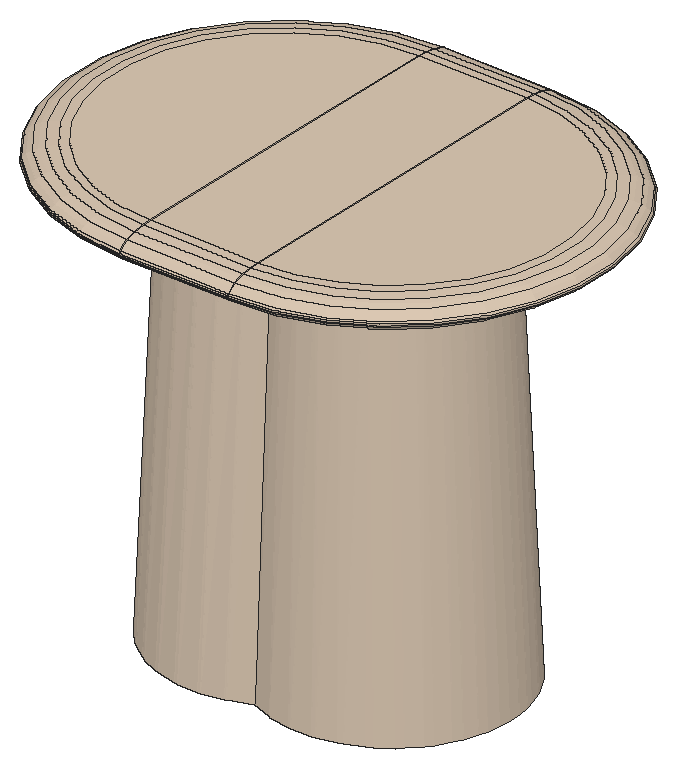
Revit family "Proto Table L53 H45", category Furniture, Revit 2017
Family settings
  OmniClass Number = 23.40.20.00
  OmniClass Title = General Furniture and Specialties
  Work Plane-Based = No
  Always vertical = Yes
  Cut with Voids When Loaded = No
  Shared = No
  Room Calculation Point = No
Parameters
  Width (in) = "16,5"  # constant formula
  Width (cm) = "42"  # constant formula
  Weight (lbs) = "47,7"  # constant formula
  Weight (kg) = "21,5"  # constant formula
  Warranty period = "2 years standard warranty"  # constant formula
  Variations = "Soap treated / Lacquered"  # constant formula
  URL = "https://www.plushalle.com/"
  Table top = +Halle Oak Solid Horizontal
  Table base = +Halle Oak Veneer Vertical
  Product family = "Proto"  # constant formula
  Price = "Contact info@plushalle.com"  # constant formula
  Packaging Dimensions (in) = "21,5 / 17,2 / 18,4"  # constant formula
  Packaging Dimensions (cm) = "54,5 / 43,5 / 46,5"  # constant formula
  Length (in) = "20,9"  # constant formula
  Length (cm) = "53"  # constant formula
  Height (in) = "17,7"  # constant formula
  Height (cm) = "45"  # constant formula
  Gliders = +Halle Felt
  Environment = "FSC"  # constant formula
  Designer = "Nick Ross"  # constant formula
  Design Year = "2020"  # constant formula
  Copyright = "+Halle"  # constant formula
Reference planes
  plane 1 "Center (Front/Back)": y = 0
  plane 2: z = 0
  plane 3 "Center (Left/Right)": x = 0
  plane 4 "Back": y = 210
  plane 5 "Front": y = -210
  plane 6 "Left": x = -265
  plane 7 "Right": x = 265
  plane 8 "Top": z = 450
  plane 9: z = 422
  plane 10: x = -55
  plane 11: x = 55
Forms (mm)
  Revolve 1, solid, material "+Halle Oak Solid Horizontal" <- "Table top"
    sketch origin (-55, 0, 0) x (0, 1, 0) y (0, 0, 1)
      loop
        line (0, 450) -> (-170.442, 450)
        arc (-170.442, 450) -> (-174.984, 449.934) -> (-179.519, 449.665) r 101.849
        arc (-179.519, 449.665) -> (-184.716, 449.1) -> (-189.876, 448.257) r 97.601
        arc (-189.876, 448.257) -> (-195.027, 446.915) -> (-199.956, 444.905) r 40.25
        arc (-199.956, 444.905) -> (-204.526, 442.156) -> (-208.542, 438.648) r 30.274
        arc (-208.542, 438.648) -> (-209.243, 437.81) -> (-209.822, 436.884) r 7.987
        arc (-209.822, 436.884) -> (-209.991, 436) -> (-209.822, 435.116) r 2.406
        arc (-209.822, 435.116) -> (-209.243, 434.19) -> (-208.542, 433.352) r 7.987
        arc (-208.542, 433.352) -> (-204.526, 429.844) -> (-199.956, 427.095) r 30.274
        arc (-199.956, 427.095) -> (-195.027, 425.085) -> (-189.876, 423.743) r 40.25
        arc (-189.876, 423.743) -> (-184.716, 422.901) -> (-179.519, 422.335) r 97.601
        arc (-179.519, 422.335) -> (-174.984, 422.067) -> (-170.442, 422) r 101.849
        line (-170.442, 422) -> (0, 422) -> (0, 450)
      axis (0, 422) -> (0, 450)
    angle from 0 to 180
  Blend 2, solid, material "+Halle Oak Veneer Vertical" <- "Table base"
    base sketch origin (0, 0, 0) x (1, 0, 0) y (0, 1, 0)
      loop
        arc (0, 107.12) -> (-175, 0.467) -> (0, -106.187) r 120
        arc (0, -106.187) -> (175, 0.467) -> (0, 107.12) r 120
    top sketch origin (0, 0, 0) x (1, 0, 0) y (0, 1, 0)
      loop
        arc (0, 85.307) -> (-156.5, 0) -> (0, -85.307) r 101.5
        arc (0, -85.307) -> (156.5, 0) -> (0, 85.307) r 101.5
    from 0 to 422
  Blend 3, void
    base sketch origin (0, 0, 0) x (1, 0, 0) y (0, 1, 0)
      loop
        arc (0, 100.892) -> (-169.5, 0.467) -> (0, -99.959) r 114.5
        arc (0, -99.959) -> (169.5, 0.467) -> (0, 100.892) r 114.5
    top sketch origin (0, 0, 0) x (1, 0, 0) y (0, 1, 0)
      loop
        arc (0, 78.072) -> (-150.5, 0) -> (0, -78.072) r 95.5
        arc (0, -78.072) -> (150.5, 0) -> (0, 78.072) r 95.5
    from 0 to 422
  Revolve 4, solid, material "+Halle Oak Solid Horizontal" <- "Table top"
    sketch origin (55, 0, 0) x (0, 1, 0) y (0, 0, -1)
      loop
        line (0, -450) -> (0, -422) -> (-170.442, -422)
        arc (-170.442, -422) -> (-174.984, -422.067) -> (-179.519, -422.335) r 101.849
        arc (-179.519, -422.335) -> (-184.716, -422.901) -> (-189.876, -423.743) r 97.601
        arc (-189.876, -423.743) -> (-195.027, -425.085) -> (-199.956, -427.095) r 40.25
        arc (-199.956, -427.095) -> (-204.526, -429.844) -> (-208.542, -433.352) r 30.274
        arc (-208.542, -433.352) -> (-209.243, -434.19) -> (-209.822, -435.116) r 7.987
        arc (-209.822, -435.116) -> (-209.991, -436) -> (-209.822, -436.884) r 2.406
        arc (-209.822, -436.884) -> (-209.243, -437.81) -> (-208.542, -438.648) r 7.987
        arc (-208.542, -438.648) -> (-204.526, -442.156) -> (-199.956, -444.905) r 30.274
        arc (-199.956, -444.905) -> (-195.027, -446.915) -> (-189.876, -448.257) r 40.25
        arc (-189.876, -448.257) -> (-184.716, -449.1) -> (-179.519, -449.665) r 97.601
        arc (-179.519, -449.665) -> (-174.984, -449.934) -> (-170.442, -450) r 101.849
        line (-170.442, -450) -> (0, -450)
      axis (0, -422) -> (0, -450)
    angle from 0 to 180
  Extrusion 5, solid, material "+Halle Oak Solid Horizontal" <- "Table top"
    sketch origin (0, 0, 0) x (0, 1, 0) y (0, 0, 1)
      loop
        arc (-189.876, 448.257) -> (-195.027, 446.915) -> (-199.956, 444.905) r 40.25
        arc (-199.956, 444.905) -> (-204.526, 442.156) -> (-208.542, 438.648) r 30.274
        arc (-208.542, 438.648) -> (-209.243, 437.81) -> (-209.822, 436.884) r 7.987
        arc (-209.822, 436.884) -> (-209.991, 436) -> (-209.822, 435.116) r 2.406
        arc (-209.822, 435.116) -> (-209.243, 434.19) -> (-208.542, 433.352) r 7.987
        arc (-208.542, 433.352) -> (-204.526, 429.844) -> (-199.956, 427.095) r 30.274
        arc (-199.956, 427.095) -> (-195.027, 425.085) -> (-189.876, 423.743) r 40.25
        arc (-189.876, 423.743) -> (-184.794, 422.911) -> (-179.675, 422.348) r 97.601
        arc (-179.675, 422.348) -> (-175.062, 422.069) -> (-170.442, 422) r 101.7
        line (-170.442, 422) -> (170.442, 422)
        arc (170.442, 422) -> (175.062, 422.069) -> (179.675, 422.348) r 101.7
        arc (179.675, 422.348) -> (184.794, 422.911) -> (189.876, 423.743) r 97.601
        arc (189.876, 423.743) -> (195.027, 425.085) -> (199.956, 427.095) r 40.25
        arc (199.956, 427.095) -> (204.526, 429.844) -> (208.542, 433.352) r 30.274
        arc (208.542, 433.352) -> (209.243, 434.19) -> (209.822, 435.116) r 7.987
        arc (209.822, 435.116) -> (209.991, 436) -> (209.822, 436.884) r 2.406
        arc (209.822, 436.884) -> (209.243, 437.81) -> (208.542, 438.648) r 7.987
        arc (208.542, 438.648) -> (204.526, 442.156) -> (199.956, 444.905) r 30.274
        arc (199.956, 444.905) -> (195.027, 446.915) -> (189.876, 448.257) r 40.25
        arc (189.876, 448.257) -> (184.794, 449.089) -> (179.675, 449.652) r 97.601
        arc (179.675, 449.652) -> (175.062, 449.931) -> (170.442, 450) r 101.7
        line (170.442, 450) -> (-170.442, 450)
        arc (-170.442, 450) -> (-175.062, 449.931) -> (-179.675, 449.652) r 101.7
        arc (-179.675, 449.652) -> (-184.794, 449.089) -> (-189.876, 448.257) r 97.601
    from -55 to 55
Cuts and joins
  Blend 3 cuts Blend 2
Lines and regions (mm)
  symbolic lines
    curve 1: line (-225.442, 0, 422) -> (225.463, 0, 422)
    curve 2: line (-225.442, 0, 450) -> (225.463, 0, 450)
    curve 51: arc (-55, 210.756, 0) -> (-265.289, 0.467, 0) -> (-55, -209.822, 0) r 210.289
    curve 52: arc (55, -209.822, 0) -> (265.289, 0.467, 0) -> (55, 210.756, 0) r 210.289
    curve 53: line (-55, 210.756, 0) -> (55, 210.756, 0)
    curve 54: line (-55, -209.991, 0) -> (55, -209.991, 0)
    curve 105: line (0, -119.533, 0) -> (0, 120.467, 0)
    curve 106: line (0, 120.467, 0) -> (0, 101.5, 422)
    curve 107: line (0, -119.533, 0) -> (0, -101.5, 422)
    curve 111: line (-156.5, 0, 422) -> (-175, 0, 0)
    curve 112: line (-175, 0, 0) -> (175, 0, 0)
    curve 113: line (175, 0, 0) -> (156.5, 0, 422)
    curve 114: line (0, 0, 422) -> (0, 0, 0)
  symbolic lines, style "Furniture"
    curve 3: arc (0, 189.876, 448.257) -> (0, 195.027, 446.915) -> (0, 199.956, 444.905) r 40.25
    curve 4: arc (0, 199.956, 444.905) -> (0, 204.526, 442.156) -> (0, 208.542, 438.648) r 30.274
    curve 5: arc (0, 208.542, 438.648) -> (0, 209.243, 437.81) -> (0, 209.822, 436.884) r 7.987
    curve 6: arc (0, 209.822, 436.884) -> (0, 209.991, 436) -> (0, 209.822, 435.116) r 2.406
    curve 7: arc (0, 208.542, 433.352) -> (0, 204.526, 429.844) -> (0, 199.956, 427.095) r 30.274
    curve 8: arc (0, 209.822, 435.116) -> (0, 209.243, 434.19) -> (0, 208.542, 433.352) r 7.987
    curve 9: arc (0, 179.519, 449.665) -> (0, 184.716, 449.1) -> (0, 189.876, 448.257) r 97.601
    curve 10: arc (0, 170.442, 450) -> (0, 174.984, 449.934) -> (0, 179.519, 449.665) r 101.849
    curve 11: arc (0, 189.876, 423.743) -> (0, 184.716, 422.901) -> (0, 179.519, 422.335) r 97.601
    curve 12: arc (0, 179.519, 422.335) -> (0, 174.984, 422.067) -> (0, 170.442, 422) r 101.849
    curve 13: arc (0, 199.956, 427.095) -> (0, 195.027, 425.085) -> (0, 189.876, 423.743) r 40.25
    curve 14: arc (0, -199.956, 444.905) -> (0, -195.027, 446.915) -> (0, -189.876, 448.257) r 40.25
    curve 15: arc (0, -208.542, 438.648) -> (0, -204.526, 442.156) -> (0, -199.956, 444.905) r 30.274
    curve 16: arc (0, -209.822, 436.884) -> (0, -209.243, 437.81) -> (0, -208.542, 438.648) r 7.987
    curve 17: arc (0, -209.822, 435.116) -> (0, -209.991, 436) -> (0, -209.822, 436.884) r 2.406
    curve 18: arc (0, -199.956, 427.095) -> (0, -204.526, 429.844) -> (0, -208.542, 433.352) r 30.274
    curve 19: arc (0, -208.542, 433.352) -> (0, -209.243, 434.19) -> (0, -209.822, 435.116) r 7.987
    curve 20: arc (0, -189.876, 448.257) -> (0, -184.716, 449.1) -> (0, -179.519, 449.665) r 97.601
    curve 21: arc (0, -179.519, 449.665) -> (0, -174.984, 449.934) -> (0, -170.442, 450) r 101.849
    curve 22: arc (0, -179.519, 422.335) -> (0, -184.716, 422.901) -> (0, -189.876, 423.743) r 97.601
    curve 23: arc (0, -170.442, 422) -> (0, -174.984, 422.067) -> (0, -179.519, 422.335) r 101.849
    curve 24: arc (0, -189.876, 423.743) -> (0, -195.027, 425.085) -> (0, -199.956, 427.095) r 40.25
    curve 25: line (0, 170.442, 422) -> (0, -171.375, 422)
    curve 26: line (0, 170.442, 450) -> (0, -171.375, 450)
    curve 59: arc (-244.876, 0, 448.257) -> (-250.027, 0, 446.915) -> (-254.956, 0, 444.905) r 40.25
    curve 60: arc (-254.956, 0, 444.905) -> (-259.526, 0, 442.156) -> (-263.542, 0, 438.648) r 30.274
    curve 61: arc (-263.542, 0, 438.648) -> (-264.243, 0, 437.81) -> (-264.822, 0, 436.884) r 7.987
    curve 62: arc (-264.822, 0, 436.884) -> (-264.991, 0, 436) -> (-264.822, 0, 435.116) r 2.406
    curve 63: arc (-254.956, 0, 427.095) -> (-259.526, 0, 429.844) -> (-263.542, 0, 433.352) r 30.274
    curve 64: arc (-263.542, 0, 433.352) -> (-264.243, 0, 434.19) -> (-264.822, 0, 435.116) r 7.987
    curve 65: arc (-244.876, 0, 448.257) -> (-239.716, 0, 449.1) -> (-234.519, 0, 449.665) r 97.601
    curve 66: arc (-234.519, 0, 449.665) -> (-229.984, 0, 449.934) -> (-225.442, 0, 450) r 101.849
    curve 67: arc (-244.876, 0, 423.743) -> (-239.716, 0, 422.901) -> (-234.519, 0, 422.335) r 97.601
    curve 68: arc (-234.519, 0, 422.335) -> (-229.984, 0, 422.067) -> (-225.442, 0, 422) r 101.849
    curve 69: arc (-244.876, 0, 423.743) -> (-250.027, 0, 425.085) -> (-254.956, 0, 427.095) r 40.25
    curve 70: arc (244.897, 0, 448.257) -> (250.048, 0, 446.915) -> (254.978, 0, 444.905) r 40.25
    curve 71: arc (254.978, 0, 444.905) -> (259.547, 0, 442.156) -> (263.563, 0, 438.648) r 30.274
    curve 72: arc (263.563, 0, 438.648) -> (264.264, 0, 437.81) -> (264.844, 0, 436.884) r 7.987
    curve 73: arc (264.844, 0, 436.884) -> (265.012, 0, 436) -> (264.844, 0, 435.116) r 2.406
    curve 74: arc (254.978, 0, 427.095) -> (259.547, 0, 429.844) -> (263.563, 0, 433.352) r 30.274
    curve 75: arc (263.563, 0, 433.352) -> (264.264, 0, 434.19) -> (264.844, 0, 435.116) r 7.987
    curve 76: arc (244.897, 0, 448.257) -> (239.737, 0, 449.1) -> (234.54, 0, 449.665) r 97.601
    curve 77: arc (234.54, 0, 449.665) -> (230.005, 0, 449.934) -> (225.463, 0, 450) r 101.849
    curve 78: arc (244.897, 0, 423.743) -> (239.737, 0, 422.901) -> (234.54, 0, 422.335) r 97.601
    curve 79: arc (234.54, 0, 422.335) -> (230.005, 0, 422.067) -> (225.463, 0, 422) r 101.849
    curve 80: arc (244.897, 0, 423.743) -> (250.048, 0, 425.085) -> (254.978, 0, 427.095) r 40.25
  symbolic lines, style "Furniture", not visible
    curve 27: arc (0, 189.876, 448.257) -> (0, 195.027, 446.915) -> (0, 199.956, 444.905) r 40.25
    curve 28: arc (0, 199.956, 444.905) -> (0, 204.526, 442.156) -> (0, 208.542, 438.648) r 30.274
    curve 29: arc (0, 208.542, 438.648) -> (0, 209.243, 437.81) -> (0, 209.822, 436.884) r 7.987
    curve 30: arc (0, 209.822, 436.884) -> (0, 209.991, 436) -> (0, 209.822, 435.116) r 2.406
    curve 31: arc (0, 208.542, 433.352) -> (0, 204.526, 429.844) -> (0, 199.956, 427.095) r 30.274
    curve 32: arc (0, 209.822, 435.116) -> (0, 209.243, 434.19) -> (0, 208.542, 433.352) r 7.987
    curve 33: arc (0, 179.519, 449.665) -> (0, 184.716, 449.1) -> (0, 189.876, 448.257) r 97.601
    curve 34: arc (0, 170.442, 450) -> (0, 174.984, 449.934) -> (0, 179.519, 449.665) r 101.849
    curve 35: arc (0, 189.876, 423.743) -> (0, 184.716, 422.901) -> (0, 179.519, 422.335) r 97.601
    curve 36: arc (0, 179.519, 422.335) -> (0, 174.984, 422.067) -> (0, 170.442, 422) r 101.849
    curve 37: arc (0, 199.956, 427.095) -> (0, 195.027, 425.085) -> (0, 189.876, 423.743) r 40.25
    curve 38: arc (0, -199.956, 444.905) -> (0, -195.027, 446.915) -> (0, -189.876, 448.257) r 40.25
    curve 39: arc (0, -208.542, 438.648) -> (0, -204.526, 442.156) -> (0, -199.956, 444.905) r 30.274
    curve 40: arc (0, -209.822, 436.884) -> (0, -209.243, 437.81) -> (0, -208.542, 438.648) r 7.987
    curve 41: arc (0, -209.822, 435.116) -> (0, -209.991, 436) -> (0, -209.822, 436.884) r 2.406
    curve 42: arc (0, -199.956, 427.095) -> (0, -204.526, 429.844) -> (0, -208.542, 433.352) r 30.274
    curve 43: arc (0, -208.542, 433.352) -> (0, -209.243, 434.19) -> (0, -209.822, 435.116) r 7.987
    curve 44: arc (0, -189.876, 448.257) -> (0, -184.716, 449.1) -> (0, -179.519, 449.665) r 97.601
    curve 45: arc (0, -179.519, 449.665) -> (0, -174.984, 449.934) -> (0, -170.442, 450) r 101.849
    curve 46: arc (0, -179.519, 422.335) -> (0, -184.716, 422.901) -> (0, -189.876, 423.743) r 97.601
    curve 47: arc (0, -170.442, 422) -> (0, -174.984, 422.067) -> (0, -179.519, 422.335) r 101.849
    curve 48: arc (0, -189.876, 423.743) -> (0, -195.027, 425.085) -> (0, -199.956, 427.095) r 40.25
    curve 49: line (0, 170.442, 422) -> (0, -171.375, 422)
    curve 50: line (0, 170.442, 450) -> (0, -171.375, 450)
    curve 83: arc (-244.876, 0, 448.257) -> (-250.027, 0, 446.915) -> (-254.956, 0, 444.905) r 40.25
    curve 84: arc (-254.956, 0, 444.905) -> (-259.526, 0, 442.156) -> (-263.542, 0, 438.648) r 30.274
    curve 85: arc (-263.542, 0, 438.648) -> (-264.243, 0, 437.81) -> (-264.822, 0, 436.884) r 7.987
    curve 86: arc (-264.822, 0, 436.884) -> (-264.991, 0, 436) -> (-264.822, 0, 435.116) r 2.406
    curve 87: arc (-254.956, 0, 427.095) -> (-259.526, 0, 429.844) -> (-263.542, 0, 433.352) r 30.274
    curve 88: arc (-263.542, 0, 433.352) -> (-264.243, 0, 434.19) -> (-264.822, 0, 435.116) r 7.987
    curve 89: arc (-244.876, 0, 448.257) -> (-239.716, 0, 449.1) -> (-234.519, 0, 449.665) r 97.601
    curve 90: arc (-234.519, 0, 449.665) -> (-229.984, 0, 449.934) -> (-225.442, 0, 450) r 101.849
    curve 91: arc (-244.876, 0, 423.743) -> (-239.716, 0, 422.901) -> (-234.519, 0, 422.335) r 97.601
    curve 92: arc (-234.519, 0, 422.335) -> (-229.984, 0, 422.067) -> (-225.442, 0, 422) r 101.849
    curve 93: arc (-244.876, 0, 423.743) -> (-250.027, 0, 425.085) -> (-254.956, 0, 427.095) r 40.25
    curve 94: arc (244.897, 0, 448.257) -> (250.048, 0, 446.915) -> (254.978, 0, 444.905) r 40.25
    curve 95: arc (254.978, 0, 444.905) -> (259.547, 0, 442.156) -> (263.563, 0, 438.648) r 30.274
    curve 96: arc (263.563, 0, 438.648) -> (264.264, 0, 437.81) -> (264.844, 0, 436.884) r 7.987
    curve 97: arc (264.844, 0, 436.884) -> (265.012, 0, 436) -> (264.844, 0, 435.116) r 2.406
    curve 98: arc (254.978, 0, 427.095) -> (259.547, 0, 429.844) -> (263.563, 0, 433.352) r 30.274
    curve 99: arc (263.563, 0, 433.352) -> (264.264, 0, 434.19) -> (264.844, 0, 435.116) r 7.987
    curve 100: arc (244.897, 0, 448.257) -> (239.737, 0, 449.1) -> (234.54, 0, 449.665) r 97.601
    curve 101: arc (234.54, 0, 449.665) -> (230.005, 0, 449.934) -> (225.463, 0, 450) r 101.849
    curve 102: arc (244.897, 0, 423.743) -> (239.737, 0, 422.901) -> (234.54, 0, 422.335) r 97.601
    curve 103: arc (234.54, 0, 422.335) -> (230.005, 0, 422.067) -> (225.463, 0, 422) r 101.849
    curve 104: arc (244.897, 0, 423.743) -> (250.048, 0, 425.085) -> (254.978, 0, 427.095) r 40.25
  symbolic lines, not visible
    curve 55: arc (-55, 210.756, 0) -> (-265.289, 0.467, 0) -> (-55, -209.822, 0) r 210.289
    curve 56: arc (55, -209.822, 0) -> (265.289, 0.467, 0) -> (55, 210.756, 0) r 210.289
    curve 57: line (-55, 210.756, 0) -> (55, 210.756, 0)
    curve 58: line (-55, -209.991, 0) -> (55, -209.991, 0)
    curve 81: line (-225.442, 0, 422) -> (225.463, 0, 422)
    curve 82: line (-225.442, 0, 450) -> (225.463, 0, 450)
    curve 108: line (0, -119.533, 0) -> (0, 120.467, 0)
    curve 109: line (0, 120.467, 0) -> (0, 101.5, 422)
    curve 110: line (0, -119.533, 0) -> (0, -101.5, 422)
    curve 115: line (-156.5, 0, 422) -> (-175, 0, 0)
    curve 116: line (-175, 0, 0) -> (175, 0, 0)
    curve 117: line (175, 0, 0) -> (156.5, 0, 422)
    curve 118: line (0, 0, 422) -> (0, 0, 0)
Dimensions and locks
  equal spacing: plane 6 "Left", plane 3 "Center (Left/Right)", plane 7 "Right"
  plane 6 "Left" to plane 7 "Right" = 530 mm
  equal spacing: plane 4 "Back", plane 1 "Center (Front/Back)", plane 5 "Front"
  plane 4 "Back" to plane 5 "Front" = 420 mm
  plane 8 "Top" to plane 2 = 450 mm
  locked: plane 8 "Top" to plane 9 at 28
  aligned and locked: level to plane 2
  aligned and locked: plane 10 to Extrusion 5
  aligned and locked: plane 11 to Extrusion 5
Automatic sketch dimensions
  curve 62 to curve 64 = 5.604 mm  (x2)
  curve 62 to curve 61 = 5.604 mm
  curve 61 to curve 60 = 22.286 mm
  curve 64 to curve 63 = 22.286 mm
  curve 60 to curve 59 = 9.976 mm
  curve 63 to curve 69 = 9.976 mm  (x2)
  curve 59 to curve 65 = 57.351 mm
  curve 69 to curve 67 = 57.351 mm  (x2)
  curve 67 to curve 68 = 4.247 mm  (x2)
  curve 65 to curve 66 = 4.247 mm
  curve 60 to curve 1 = 16.816 mm  (x2)
  curve 63 to curve 2 = 16.816 mm
  curve 68 to curve 79 = 452.469 mm
  curve 79 to curve 77 = 175.691 mm
  curve 77 to curve 76 = 4.247 mm  (x2)
  curve 79 to curve 78 = 4.247 mm
  curve 78 to curve 80 = 57.351 mm
  curve 80 to curve 70 = 54.558 mm
  curve 80 to curve 74 = 9.976 mm
  curve 70 to curve 71 = 9.976 mm  (x2)
  curve 71 to curve 72 = 22.286 mm  (x2)
  curve 75 to curve 72 = 5.764 mm
  curve 72 to curve 73 = 5.604 mm  (x2)
  curve 66 to curve 77 = 452.469 mm
  curve 66 to curve 65 = 4.247 mm
  curve 65 to curve 59 = 57.351 mm
  curve 76 to curve 70 = 57.351 mm
  curve 59 to curve 60 = 9.976 mm
  curve 60 to curve 61 = 22.286 mm
  curve 61 to curve 62 = 5.604 mm
  curve 73 to curve 75 = 5.604 mm
  curve 68 to curve 2 = 28 mm
  curve 66 to curve 63 = 8.55 mm
  curve 2 to curve 74 = 16.816 mm
  curve 74 to curve 80 = 9.976 mm
  curve 80 to curve 78 = 57.351 mm
  curve 78 to curve 79 = 4.247 mm
  curve 63 to curve 62 = 2.815 mm
  curve 64 to curve 63 = 0 mm
  curve 61 to curve 62 = 2.815 mm
  curve 60 to curve 61 = 0 mm
  curve 62 to curve 60 = 2.18 mm
  curve 59 to curve 60 = 0 mm  (x2)
  curve 69 to curve 63 = 0 mm  (x2)
  curve 67 to curve 69 = 0 mm  (x2)
  curve 65 to curve 59 = 0 mm  (x2)
  curve 79 to curve 71 = 16.816 mm
  curve 77 to curve 74 = 16.816 mm
  curve 1 to curve 79 = 0 mm
  curve 2 to curve 77 = 0 mm
  curve 78 to curve 79 = 0 mm  (x2)
  curve 76 to curve 77 = 0 mm  (x2)
  curve 70 to curve 76 = 0 mm  (x2)
  curve 80 to curve 78 = 0 mm  (x2)
  curve 71 to curve 70 = 0 mm  (x2)
  curve 74 to curve 80 = 0 mm  (x2)
  curve 72 to curve 71 = 0 mm  (x2)
  curve 75 to curve 74 = 0 mm  (x2)
  curve 72 to curve 72 = 2.18 mm
  Revolve 1 sketch curve to plane 8 "Top" = 0 mm
  Revolve 1 sketch curve to plane 9 = 0 mm  (x2)
  plane 5 "Front" to Revolve 1 sketch curve = 2.415 mm
  Revolve 1 sketch curve to Revolve 1 sketch curve = 4.807 mm  (x2)
  plane 8 "Top" to Revolve 1 sketch curve = 4.311 mm
  Revolve 1 sketch curve to Revolve 1 sketch curve = 16.082 mm  (x2)
  Revolve 1 sketch curve to plane 9 = 4.311 mm
  Revolve 1 sketch curve to Revolve 1 sketch curve = 4.37 mm  (x2)
  plane 5 "Front" to Revolve 1 sketch curve = 38.43 mm  (x2)
  Revolve 1 sketch curve to Revolve 1 sketch curve = 0.346 mm  (x2)
  Revolve 1 sketch curve to Revolve 1 sketch curve = 16.254 mm  (x2)
  Revolve 1 sketch curve to plane 1 "Center (Front/Back)" = 0 mm
  Revolve 1 sketch curve to Revolve 1 sketch curve = 8.968 mm  (x2)
  Revolve 1 sketch curve to Revolve 1 sketch curve = 56.333 mm  (x2)
  Revolve 1 sketch curve to Revolve 1 sketch curve = 4.233 mm  (x2)
  plane 9 to Revolve 1 sketch curve = 11.118 mm
  Revolve 1 sketch curve to Revolve 1 sketch curve = 2.882 mm  (x2)
  plane 5 "Front" to Revolve 1 sketch curve = 1.458 mm  (x2)
  Revolve 1 sketch curve to Revolve 1 sketch curve = 0 mm  (x7)
  plane 5 "Front" to Revolve 1 sketch curve = 0.178 mm
  Revolve 1 sketch curve to Revolve 1 sketch curve = 2 mm
  Revolve 4 sketch curve to plane 8 "Top" = 0 mm
  Revolve 4 sketch curve to plane 9 = 0 mm  (x2)
  plane 5 "Front" to Revolve 4 sketch curve = 2.415 mm
  Revolve 4 sketch curve to Revolve 4 sketch curve = 4.807 mm  (x2)
  plane 8 "Top" to Revolve 4 sketch curve = 4.311 mm
  Revolve 4 sketch curve to Revolve 4 sketch curve = 16.082 mm  (x2)
  Revolve 4 sketch curve to plane 9 = 4.311 mm
  Revolve 4 sketch curve to Revolve 4 sketch curve = 4.37 mm  (x2)
  plane 5 "Front" to Revolve 4 sketch curve = 38.43 mm  (x2)
  Revolve 4 sketch curve to Revolve 4 sketch curve = 0.346 mm  (x2)
  Revolve 4 sketch curve to Revolve 4 sketch curve = 16.254 mm  (x2)
  Revolve 4 sketch curve to plane 1 "Center (Front/Back)" = 0 mm
  Revolve 4 sketch curve to Revolve 4 sketch curve = 8.968 mm  (x2)
  Revolve 4 sketch curve to Revolve 4 sketch curve = 56.333 mm  (x2)
  Revolve 4 sketch curve to Revolve 4 sketch curve = 4.233 mm  (x2)
  Revolve 4 sketch curve to plane 8 "Top" = 11.118 mm
  Revolve 4 sketch curve to Revolve 4 sketch curve = 2.882 mm  (x2)
  plane 5 "Front" to Revolve 4 sketch curve = 1.458 mm  (x2)
  Revolve 4 sketch curve to Revolve 4 sketch curve = 0 mm  (x7)
  plane 5 "Front" to Revolve 4 sketch curve = 0.178 mm
  Revolve 4 sketch curve to Revolve 4 sketch curve = 2 mm
  curve 51 to curve 52 = 110 mm
  curve 51 to curve 52 = 0 mm
  curve 52 to curve 53 = 210.289 mm
  curve 54 to curve 51 = 0 mm
  curve 54 to curve 52 = 0 mm
  curve 54 to curve 52 = 0.168 mm
  curve 55 to curve 56 = 110 mm
  curve 55 to curve 56 = 0 mm
  curve 56 to curve 57 = 210.289 mm
  curve 58 to curve 55 = 0 mm
  curve 58 to curve 56 = 0 mm
  curve 58 to curve 56 = 0.168 mm
  Blend 2 sketch curve to plane 11 = 0 mm  (x2)
  Blend 2 sketch curve to plane 1 "Center (Front/Back)" = 0.467 mm  (x2)
  Blend 2 sketch curve to plane 3 "Center (Left/Right)" = 0 mm  (x2)
  Blend 2 sketch curve to plane 10 = 0 mm  (x2)
  plane 1 "Center (Front/Back)" to Blend 2 sketch curve = 0 mm  (x2)
  Blend 3 sketch curve to plane 10 = 0 mm  (x2)
  Blend 3 sketch curve to plane 11 = 0 mm  (x2)
  Blend 3 sketch curve to plane 1 "Center (Front/Back)" = 0.467 mm  (x2)
  Blend 3 sketch curve to plane 10 = 55 mm
  plane 1 "Center (Front/Back)" to Blend 3 sketch curve = 0 mm  (x2)
  plane 3 "Center (Left/Right)" to Blend 3 sketch curve = 0 mm
  plane 1 "Center (Front/Back)" to Blend 3 sketch curve = 78.072 mm
  curve 17 to curve 16 = 4.807 mm
  curve 17 to curve 19 = 4.807 mm
  curve 16 to curve 15 = 16.082 mm
  curve 19 to curve 18 = 16.082 mm
  curve 15 to curve 14 = 4.37 mm
  curve 18 to curve 24 = 4.37 mm
  curve 24 to curve 22 = 10.756 mm
  curve 14 to curve 20 = 10.756 mm
  curve 20 to curve 21 = 0.346 mm
  curve 22 to curve 23 = 0.346 mm
  curve 21 to curve 105 = 291.691 mm
  curve 20 to curve 25 = 342.012 mm
  curve 26 to curve 12 = 0 mm
  curve 12 to curve 10 = 0.782 mm
  curve 26 to curve 12 = 0.782 mm
  curve 12 to curve 11 = 0.346 mm
  curve 10 to curve 9 = 0.346 mm
  curve 26 to curve 13 = 11.885 mm
  curve 25 to curve 3 = 11.885 mm
  curve 3 to curve 4 = 4.37 mm
  curve 13 to curve 7 = 4.37 mm
  curve 4 to curve 5 = 16.082 mm
  curve 8 to curve 5 = 0 mm
  curve 5 to curve 6 = 4.807 mm
  curve 105 to curve 21 = 348.154 mm
  curve 21 to curve 10 = 0 mm
  curve 21 to curve 20 = 4.233 mm
  curve 10 to curve 9 = 4.233 mm
  curve 20 to curve 14 = 56.333 mm
  curve 9 to curve 3 = 56.333 mm
  curve 14 to curve 15 = 8.968 mm
  curve 3 to curve 4 = 8.968 mm
  curve 4 to curve 25 = 4.311 mm
  curve 4 to curve 5 = 15.429 mm
  curve 15 to curve 16 = 15.429 mm
  curve 5 to curve 6 = 2.882 mm
  curve 16 to curve 17 = 2.882 mm
  curve 6 to curve 8 = 2.882 mm
  curve 17 to curve 19 = 2.882 mm
  curve 12 to curve 26 = 28 mm
  curve 10 to curve 7 = 4.646 mm
  curve 26 to curve 18 = 4.311 mm
  curve 18 to curve 24 = 8.968 mm
  curve 7 to curve 13 = 8.968 mm
  curve 13 to curve 11 = 56.333 mm
  curve 24 to curve 22 = 56.333 mm
  curve 22 to curve 23 = 4.233 mm
  curve 11 to curve 12 = 4.233 mm
  curve 15 to curve 17 = 0.957 mm
  curve 18 to curve 17 = 0.957 mm
  curve 19 to curve 18 = 0 mm
  curve 16 to curve 15 = 0 mm
  curve 16 to curve 15 = 1.28 mm
  curve 24 to curve 18 = 0 mm
  curve 14 to curve 15 = 0 mm
  curve 22 to curve 24 = 0 mm
  curve 20 to curve 14 = 0 mm
  curve 21 to curve 20 = 0 mm
  curve 23 to curve 22 = 0 mm
  curve 26 to curve 21 = 0.934 mm
  curve 25 to curve 23 = 0.934 mm
  curve 105 to curve 105 = 240 mm
  curve 23 to curve 107 = 68.942 mm
  curve 106 to curve 12 = 68.942 mm
  curve 11 to curve 12 = 0 mm
  curve 9 to curve 10 = 0 mm
  curve 13 to curve 11 = 0 mm
  curve 3 to curve 9 = 0 mm
  curve 7 to curve 13 = 0 mm
  curve 4 to curve 3 = 0 mm
  curve 5 to curve 4 = 0 mm
  curve 8 to curve 7 = 0 mm
  curve 5 to curve 6 = 1.28 mm
  curve 41 to curve 40 = 4.807 mm
  curve 41 to curve 43 = 4.807 mm
  curve 40 to curve 39 = 16.082 mm
  curve 43 to curve 42 = 16.082 mm
  curve 39 to curve 38 = 4.37 mm
  curve 42 to curve 48 = 4.37 mm
  curve 48 to curve 46 = 10.756 mm
  curve 38 to curve 44 = 10.756 mm
  curve 44 to curve 45 = 0.346 mm
  curve 46 to curve 47 = 0.346 mm
  curve 45 to curve 108 = 291.691 mm
  curve 44 to curve 49 = 342.012 mm
  curve 50 to curve 36 = 0 mm
  curve 36 to curve 34 = 0.782 mm
  curve 50 to curve 36 = 0.782 mm
  curve 36 to curve 35 = 0.346 mm
  curve 34 to curve 33 = 0.346 mm
  curve 50 to curve 37 = 11.885 mm
  curve 49 to curve 27 = 11.885 mm
  curve 27 to curve 28 = 4.37 mm
  curve 37 to curve 31 = 4.37 mm
  curve 28 to curve 29 = 16.082 mm
  curve 32 to curve 29 = 0 mm
  curve 29 to curve 30 = 4.807 mm
  curve 108 to curve 45 = 348.154 mm
  curve 45 to curve 34 = 0 mm
  curve 45 to curve 44 = 4.233 mm
  curve 34 to curve 33 = 4.233 mm
  curve 44 to curve 38 = 56.333 mm
  curve 33 to curve 27 = 56.333 mm
  curve 38 to curve 39 = 8.968 mm
  curve 27 to curve 28 = 8.968 mm
  curve 28 to curve 49 = 4.311 mm
  curve 28 to curve 29 = 15.429 mm
  curve 39 to curve 40 = 15.429 mm
  curve 29 to curve 30 = 2.882 mm
  curve 40 to curve 41 = 2.882 mm
  curve 30 to curve 32 = 2.882 mm
  curve 41 to curve 43 = 2.882 mm
  curve 36 to curve 50 = 28 mm
  curve 34 to curve 31 = 4.646 mm
  curve 50 to curve 42 = 4.311 mm
  curve 42 to curve 48 = 8.968 mm
  curve 31 to curve 37 = 8.968 mm
  curve 37 to curve 35 = 56.333 mm
  curve 48 to curve 46 = 56.333 mm
  curve 46 to curve 47 = 4.233 mm
  curve 35 to curve 36 = 4.233 mm
  curve 39 to curve 41 = 0.957 mm
  curve 42 to curve 41 = 0.957 mm
  curve 43 to curve 42 = 0 mm
  curve 40 to curve 39 = 0 mm
  curve 40 to curve 39 = 1.28 mm
  curve 48 to curve 42 = 0 mm
  curve 38 to curve 39 = 0 mm
  curve 46 to curve 48 = 0 mm
  curve 44 to curve 38 = 0 mm
  curve 45 to curve 44 = 0 mm
  curve 47 to curve 46 = 0 mm
  curve 50 to curve 45 = 0.934 mm
  curve 49 to curve 47 = 0.934 mm
  curve 108 to curve 108 = 240 mm
  curve 47 to curve 110 = 68.942 mm
  curve 109 to curve 36 = 68.942 mm
  curve 35 to curve 36 = 0 mm
  curve 33 to curve 34 = 0 mm
  curve 37 to curve 35 = 0 mm
  curve 27 to curve 33 = 0 mm
  curve 31 to curve 37 = 0 mm
  curve 28 to curve 27 = 0 mm
  curve 29 to curve 28 = 0 mm
  curve 32 to curve 31 = 0 mm
  curve 29 to curve 30 = 1.28 mm
  curve 62 to curve 61 = 4.807 mm
  curve 62 to curve 64 = 4.807 mm
  curve 64 to curve 63 = 16.082 mm
  curve 61 to curve 60 = 16.082 mm
  curve 63 to curve 69 = 4.37 mm
  curve 60 to curve 59 = 4.37 mm
  curve 69 to curve 67 = 10.756 mm
  curve 59 to curve 65 = 10.756 mm
  curve 65 to curve 66 = 0.346 mm
  curve 67 to curve 68 = 0.346 mm
  curve 63 to curve 2 = 16.254 mm
  curve 60 to curve 1 = 16.254 mm
  curve 66 to curve 111 = 51.224 mm
  curve 111 to curve 113 = 350 mm
  curve 112 to curve 1 = 50.463 mm
  curve 2 to curve 1 = 0 mm
  curve 79 to curve 77 = 0.782 mm
  curve 2 to curve 79 = 0.782 mm
  curve 79 to curve 78 = 0.346 mm
  curve 77 to curve 76 = 0.346 mm
  curve 79 to curve 70 = 11.885 mm
  curve 2 to curve 80 = 11.885 mm
  curve 80 to curve 74 = 4.37 mm
  curve 70 to curve 71 = 4.37 mm
  curve 74 to curve 75 = 16.082 mm
  curve 75 to curve 72 = 0 mm
  curve 72 to curve 73 = 4.807 mm
  curve 111 to curve 66 = 348.154 mm
  curve 112 to curve 77 = 348.154 mm
  curve 66 to curve 65 = 4.233 mm
  curve 77 to curve 76 = 4.233 mm
  curve 65 to curve 59 = 56.333 mm
  curve 76 to curve 70 = 56.333 mm
  curve 59 to curve 60 = 8.968 mm
  curve 70 to curve 71 = 8.968 mm
  curve 60 to curve 1 = 4.311 mm
  curve 60 to curve 61 = 15.429 mm
  curve 71 to curve 72 = 15.429 mm
  curve 61 to curve 62 = 2.882 mm
  curve 72 to curve 73 = 2.882 mm
  curve 62 to curve 64 = 2.882 mm
  curve 73 to curve 75 = 2.882 mm
  curve 1 to curve 2 = 28 mm
  curve 66 to curve 63 = 4.646 mm
  curve 77 to curve 74 = 4.646 mm
  curve 74 to curve 80 = 8.968 mm
  curve 63 to curve 69 = 8.968 mm
  curve 80 to curve 78 = 56.333 mm
  curve 69 to curve 67 = 56.333 mm
  curve 67 to curve 68 = 4.233 mm
  curve 78 to curve 79 = 4.233 mm
  curve 64 to curve 62 = 0.957 mm
  curve 60 to curve 62 = 0.957 mm
  curve 61 to curve 60 = 0 mm
  curve 63 to curve 64 = 0 mm
  curve 62 to curve 61 = 1.28 mm
  curve 68 to curve 111 = 68.942 mm
  curve 111 to curve 114 = 156.5 mm
  curve 113 to curve 1 = 68.963 mm
  curve 72 to curve 72 = 1.28 mm
  curve 86 to curve 85 = 4.807 mm
  curve 86 to curve 88 = 4.807 mm
  curve 88 to curve 87 = 16.082 mm
  curve 85 to curve 84 = 16.082 mm
  curve 87 to curve 93 = 4.37 mm
  curve 84 to curve 83 = 4.37 mm
  curve 93 to curve 91 = 10.756 mm
  curve 83 to curve 89 = 10.756 mm
  curve 89 to curve 90 = 0.346 mm
  curve 91 to curve 92 = 0.346 mm
  curve 87 to curve 82 = 16.254 mm
  curve 84 to curve 81 = 16.254 mm
  curve 90 to curve 115 = 51.224 mm
  curve 115 to curve 117 = 350 mm
  curve 116 to curve 81 = 50.463 mm
  curve 82 to curve 81 = 0 mm
  curve 103 to curve 101 = 0.782 mm
  curve 82 to curve 103 = 0.782 mm
  curve 103 to curve 102 = 0.346 mm
  curve 101 to curve 100 = 0.346 mm
  curve 103 to curve 94 = 11.885 mm
  curve 82 to curve 104 = 11.885 mm
  curve 104 to curve 98 = 4.37 mm
  curve 94 to curve 95 = 4.37 mm
  curve 98 to curve 99 = 16.082 mm
  curve 99 to curve 96 = 0 mm
  curve 96 to curve 97 = 4.807 mm
  curve 115 to curve 90 = 348.154 mm
  curve 116 to curve 101 = 348.154 mm
  curve 90 to curve 89 = 4.233 mm
  curve 101 to curve 100 = 4.233 mm
  curve 89 to curve 83 = 56.333 mm
  curve 100 to curve 94 = 56.333 mm
  curve 83 to curve 84 = 8.968 mm
  curve 94 to curve 95 = 8.968 mm
  curve 84 to curve 81 = 4.311 mm
  curve 84 to curve 85 = 15.429 mm
  curve 95 to curve 96 = 15.429 mm
  curve 85 to curve 86 = 2.882 mm
  curve 96 to curve 97 = 2.882 mm
  curve 86 to curve 88 = 2.882 mm
  curve 97 to curve 99 = 2.882 mm
  curve 81 to curve 82 = 28 mm
  curve 90 to curve 87 = 4.646 mm
  curve 101 to curve 98 = 4.646 mm
  curve 98 to curve 104 = 8.968 mm
  curve 87 to curve 93 = 8.968 mm
  curve 104 to curve 102 = 56.333 mm
  curve 93 to curve 91 = 56.333 mm
  curve 91 to curve 92 = 4.233 mm
  curve 102 to curve 103 = 4.233 mm
  curve 88 to curve 86 = 0.957 mm
  curve 84 to curve 86 = 0.957 mm
  curve 85 to curve 84 = 0 mm
  curve 87 to curve 88 = 0 mm
  curve 86 to curve 85 = 1.28 mm
  curve 93 to curve 87 = 0 mm
  curve 83 to curve 84 = 0 mm
  curve 91 to curve 93 = 0 mm
  curve 89 to curve 83 = 0 mm
  curve 92 to curve 115 = 68.942 mm
  curve 115 to curve 118 = 156.5 mm
  curve 117 to curve 81 = 68.963 mm
  curve 102 to curve 103 = 0 mm
  curve 100 to curve 101 = 0 mm
  curve 94 to curve 100 = 0 mm
  curve 104 to curve 102 = 0 mm
  curve 95 to curve 94 = 0 mm
  curve 98 to curve 104 = 0 mm
  curve 99 to curve 98 = 0 mm
  curve 96 to curve 95 = 0 mm
  curve 96 to curve 96 = 1.28 mm
  Extrusion 5 sketch curve to plane 9 = 0 mm
  Extrusion 5 sketch curve to plane 8 "Top" = 0 mm
  plane 5 "Front" to Extrusion 5 sketch curve = 2.415 mm
  Extrusion 5 sketch curve to Extrusion 5 sketch curve = 4.807 mm  (x2)
  Extrusion 5 sketch curve to plane 9 = 4.311 mm  (x2)
  Extrusion 5 sketch curve to Extrusion 5 sketch curve = 16.082 mm  (x2)
  plane 8 "Top" to Extrusion 5 sketch curve = 4.311 mm  (x2)
  Extrusion 5 sketch curve to Extrusion 5 sketch curve = 4.37 mm  (x4)
  plane 5 "Front" to Extrusion 5 sketch curve = 38.43 mm  (x2)
  Extrusion 5 sketch curve to Extrusion 5 sketch curve = 0.34 mm  (x4)
  Extrusion 5 sketch curve to Extrusion 5 sketch curve = 16.254 mm
  Extrusion 5 sketch curve to plane 4 "Back" = 38.77 mm  (x2)
  Extrusion 5 sketch curve to Extrusion 5 sketch curve = 11.885 mm  (x2)
  Extrusion 5 sketch curve to plane 4 "Back" = 7.222 mm
  Extrusion 5 sketch curve to Extrusion 5 sketch curve = 0 mm  (x17)
  Extrusion 5 sketch curve to plane 4 "Back" = 2.415 mm
  Extrusion 5 sketch curve to Extrusion 5 sketch curve = 8.968 mm  (x4)
  Extrusion 5 sketch curve to Extrusion 5 sketch curve = 56.333 mm  (x4)
  Extrusion 5 sketch curve to Extrusion 5 sketch curve = 4.085 mm  (x4)
  plane 9 to Extrusion 5 sketch curve = 11.118 mm  (x2)
  Extrusion 5 sketch curve to Extrusion 5 sketch curve = 2.882 mm  (x4)
  plane 5 "Front" to Extrusion 5 sketch curve = 1.458 mm  (x2)
  plane 5 "Front" to Extrusion 5 sketch curve = 0.178 mm
  Extrusion 5 sketch curve to plane 4 "Back" = 0.178 mm
  Extrusion 5 sketch curve to Extrusion 5 sketch curve = 32.337 mm
  radius of Blend 2 sketch curve = 120 mm
  radius of Blend 2 sketch curve = 101.5 mm
  radius of Blend 3 sketch curve = 114.5 mm
